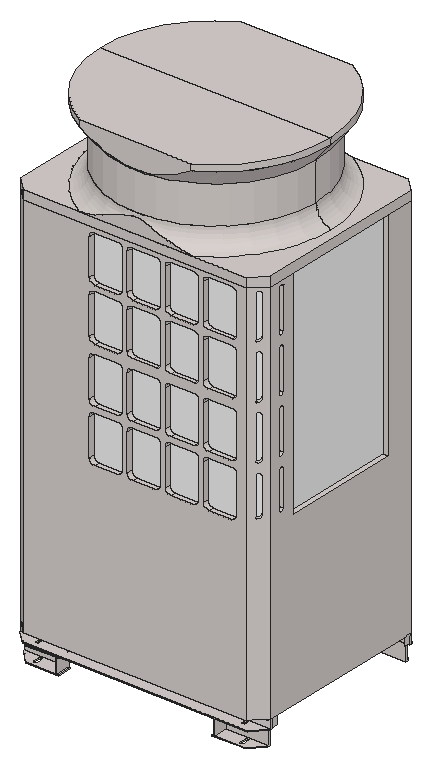
Revit family "PURY-EP300YNW-A1", category 機械設備, Revit 2016 (continued)
Definition of nested family "FAN GUARD"
  Dimensions and locks
    plane 3 "中心(左/右)" to Revolve 2 sketch curve = 423.000 mm
    locked: plane 10 "ファンガード上面" to plane 9 "ファンガード基準上面" at 303
    aligned and locked: level to plane 2
    aligned and locked: plane 5 to Extrusion 1 sketch curve
    aligned and locked: Extrusion 1 sketch curve to plane 6
    aligned and locked: plane 8 to Extrusion 1 sketch curve
    aligned and locked: plane 7 to Extrusion 1 sketch curve
    aligned and locked: plane 9 "ファンガード基準上面" to Extrusion 1
    aligned and locked: plane 4 "ファンガード基準面" to Extrusion 1
    aligned and locked: plane 9 "ファンガード基準上面" to Revolve 2 sketch curve
    aligned and locked: Revolve 2 sketch curve to plane 3 "中心(左/右)"
    aligned and locked: Extrusion 1 to Extrusion 3 sketch curve
    aligned and locked: Extrusion 3 sketch curve to Extrusion 1
    aligned and locked: cut or joined group of Revolve 2, Extrusion 3 to plane 10 "ファンガード上面"
  Automatic sketch dimensions
    Extrusion 1 sketch curve to plane 7 = 50.000 mm  (x2)
    plane 8 to Extrusion 1 sketch curve = 50.000 mm  (x2)
    plane 5 to Extrusion 1 sketch curve = 50.000 mm  (x2)
    Extrusion 1 sketch curve to plane 6 = 50.000 mm  (x2)
    plane 3 "中心(左/右)" to Extrusion 3 sketch curve = 345.000 mm  (x2)
    Extrusion 3 sketch curve to plane 3 "中心(左/右)" = 345.000 mm  (x2)
    Extrusion 3 sketch curve to Extrusion 3 sketch curve = 175.000 mm
    Extrusion 3 sketch curve to Extrusion 3 sketch curve = 169.592 mm
    plane 1 "中心(正面/背面)" to curve 2 = 0.000 mm
    plane 1 "中心(正面/背面)" to curve 3 = 0.000 mm
    curve 3 to plane 3 "中心(左/右)" = 0.000 mm
    curve 12 to plane 3 "中心(左/右)" = 0.000 mm
    plane 1 "中心(正面/背面)" to curve 1 = 0.000 mm
    plane 3 "中心(左/右)" to curve 55 = 10.000 mm
    curve 17 to curve 12 = 20.000 mm
    curve 57 to curve 55 = 20.000 mm
    curve 18 to curve 17 = 20.000 mm
    curve 58 to curve 57 = 20.000 mm
    curve 19 to curve 18 = 20.000 mm
    curve 59 to curve 58 = 20.000 mm
    curve 20 to curve 19 = 20.000 mm
    curve 2 to curve 59 = 10.000 mm
    curve 21 to curve 20 = 20.000 mm
    curve 22 to curve 21 = 20.000 mm
    curve 23 to curve 22 = 20.000 mm
    curve 24 to curve 23 = 20.000 mm
    curve 25 to curve 24 = 20.000 mm
    curve 26 to curve 25 = 20.000 mm
    curve 27 to curve 26 = 20.000 mm
    curve 28 to curve 27 = 20.000 mm
    curve 29 to curve 28 = 20.000 mm
    curve 11 to curve 29 = 16.639 mm
    curve 7 to curve 29 = 16.639 mm
    curve 30 to curve 7 = 3.361 mm
    curve 31 to curve 30 = 20.000 mm
    curve 32 to curve 31 = 20.000 mm
    curve 33 to curve 32 = 20.000 mm
    curve 6 to curve 33 = 8.323 mm
    curve 10 to curve 33 = 8.323 mm
    curve 34 to curve 10 = 11.677 mm
    curve 35 to curve 34 = 20.000 mm
    curve 9 to curve 35 = 11.572 mm
    curve 5 to curve 35 = 11.572 mm
    curve 36 to curve 9 = 8.428 mm
    curve 8 to curve 36 = 15.366 mm
    curve 4 to curve 36 = 15.366 mm
    curve 37 to curve 8 = 4.634 mm
    curve 2 to curve 37 = 3.000 mm
    curve 56 to plane 3 "中心(左/右)" = 10.000 mm
    curve 13 to plane 3 "中心(左/右)" = 20.000 mm
    curve 56 to curve 60 = 20.000 mm
    curve 13 to curve 14 = 20.000 mm
    curve 60 to curve 61 = 20.000 mm
    curve 14 to curve 15 = 20.000 mm
    curve 61 to curve 62 = 20.000 mm
    curve 15 to curve 16 = 20.000 mm
    curve 16 to curve 38 = 20.000 mm
    curve 38 to curve 39 = 20.000 mm
    curve 39 to curve 40 = 20.000 mm
    curve 40 to curve 41 = 20.000 mm
    curve 41 to curve 42 = 20.000 mm
    curve 42 to curve 43 = 20.000 mm
    curve 43 to curve 44 = 20.000 mm
    curve 44 to curve 45 = 20.000 mm
    curve 45 to curve 46 = 20.000 mm
    curve 46 to curve 7 = 16.639 mm
    curve 46 to curve 11 = 16.639 mm
    curve 7 to curve 47 = 3.361 mm
    curve 47 to curve 48 = 20.000 mm
    curve 48 to curve 49 = 20.000 mm
    curve 49 to curve 50 = 20.000 mm
    curve 50 to curve 6 = 8.323 mm
    curve 50 to curve 10 = 8.323 mm
    curve 10 to curve 51 = 11.677 mm
    curve 51 to curve 52 = 20.000 mm
    curve 52 to curve 9 = 11.572 mm
    curve 52 to curve 5 = 11.572 mm
    curve 5 to curve 53 = 8.428 mm
    curve 53 to curve 4 = 15.366 mm
    curve 53 to curve 8 = 15.366 mm
    curve 4 to curve 54 = 4.634 mm
    curve 54 to curve 1 = 3.000 mm
    curve 8 to plane 1 "中心(正面/背面)" = 80.000 mm
    curve 36 to curve 8 = 57.583 mm
    curve 53 to curve 8 = 57.583 mm
    curve 9 to curve 36 = 22.417 mm
    curve 52 to curve 9 = 25.820 mm
    curve 35 to curve 9 = 25.820 mm
    curve 51 to curve 52 = 36.282 mm
    curve 34 to curve 35 = 36.282 mm
    curve 10 to curve 51 = 17.899 mm
    curve 33 to curve 10 = 11.653 mm
    curve 50 to curve 10 = 11.653 mm
    curve 49 to curve 50 = 24.986 mm
    curve 32 to curve 33 = 24.986 mm
    curve 48 to curve 49 = 21.571 mm
    curve 31 to curve 32 = 21.571 mm
    curve 47 to curve 48 = 18.853 mm
    curve 30 to curve 31 = 18.853 mm
    curve 11 to curve 30 = 2.937 mm
    curve 29 to curve 11 = 13.660 mm
    curve 46 to curve 11 = 13.660 mm
    curve 28 to curve 29 = 14.663 mm
    curve 45 to curve 46 = 14.663 mm
    curve 44 to curve 45 = 12.965 mm
    curve 27 to curve 28 = 12.965 mm
    curve 12 to curve 27 = 8.712 mm
    curve 12 to curve 21 = 0.000 mm
    curve 13 to curve 12 = 0.000 mm
    curve 14 to curve 13 = 0.000 mm  (x2)
    curve 12 to curve 18 = 0.000 mm
    curve 21 to curve 23 = 0.000 mm
    curve 43 to curve 44 = 8.712 mm
    curve 23 to curve 24 = 0.000 mm  (x2)
    curve 43 to curve 42 = 0.000 mm  (x2)
    curve 24 to curve 25 = 0.000 mm  (x2)
    curve 42 to curve 41 = 0.000 mm  (x2)
    curve 25 to curve 26 = 0.000 mm  (x2)
    curve 41 to curve 40 = 0.000 mm  (x2)
    curve 20 to curve 21 = 0.000 mm  (x2)
    curve 40 to curve 39 = 0.000 mm  (x2)
    curve 15 to curve 14 = 0.000 mm
    curve 39 to curve 38 = 0.000 mm
    curve 38 to curve 16 = 0.000 mm  (x2)
    curve 18 to curve 19 = 0.000 mm  (x2)
    curve 12 to curve 17 = 0.000 mm  (x2)
    curve 21 to curve 22 = 0.000 mm  (x2)
    curve 8 to curve 37 = 29.711 mm
    curve 8 to curve 54 = 29.711 mm
    plane 1 "中心(正面/背面)" to curve 37 = 50.289 mm
    plane 1 "中心(正面/背面)" to curve 54 = 50.289 mm
    curve 37 to curve 4 = 29.711 mm
    curve 4 to curve 36 = 57.583 mm
    curve 4 to curve 53 = 57.583 mm
    curve 36 to curve 5 = 22.417 mm
    curve 5 to curve 52 = 25.820 mm
    curve 5 to curve 35 = 25.820 mm
    curve 35 to curve 34 = 36.282 mm
    curve 52 to curve 51 = 36.282 mm
    curve 51 to curve 6 = 17.899 mm
    curve 6 to curve 50 = 11.653 mm
    curve 6 to curve 33 = 11.653 mm
    curve 50 to curve 49 = 24.986 mm
    curve 33 to curve 32 = 24.986 mm
    curve 49 to curve 48 = 21.571 mm
    curve 32 to curve 31 = 21.571 mm
    curve 48 to curve 47 = 18.853 mm
    curve 31 to curve 30 = 18.853 mm
    curve 30 to curve 7 = 2.937 mm
    curve 7 to curve 46 = 13.660 mm
    curve 7 to curve 29 = 13.660 mm
    curve 29 to curve 28 = 14.663 mm
    curve 46 to curve 45 = 14.663 mm
    curve 45 to curve 44 = 12.965 mm
    curve 28 to curve 27 = 12.965 mm
    curve 44 to curve 13 = 8.712 mm
    curve 27 to curve 23 = 8.712 mm
    curve 15 to curve 13 = 0.000 mm
    curve 44 to curve 42 = 8.712 mm
    curve 16 to curve 15 = 0.000 mm
    curve 22 to curve 23 = 0.000 mm
    curve 13 to curve 17 = 0.000 mm
    curve 17 to curve 19 = 0.000 mm
    Revolve 2 sketch curve to plane 3 "中心(左/右)" = 0.000 mm
    Revolve 2 sketch curve to plane 10 "ファンガード上面" = 0.000 mm
    plane 9 "ファンガード基準上面" to Revolve 2 sketch curve = 70.141 mm
    Revolve 2 sketch curve to Revolve 2 sketch curve = 18.161 mm
    Revolve 2 sketch curve to level = 1700.815 mm
    Revolve 2 sketch curve to plane 10 "ファンガード上面" = 93.336 mm
    Revolve 2 sketch curve to plane 10 "ファンガード上面" = 24.000 mm
    Revolve 2 sketch curve to Revolve 2 sketch curve = 790.769 mm
    Revolve 2 sketch curve to Revolve 2 sketch curve = 17.668 mm
Definition of nested family "BASE LEG"
  Parameters
    Width [instance] = 920.000 mm
  Reference planes
    plane 1 "中心(正面/背面)": y = 0
    plane 2: z = 0
    plane 3 "中心(左/右)": x = 0
    plane 4: x = 460
    plane 5: x = -460
    plane 6: x = -380
    plane 7: x = 380
    plane 8: y = -18
    plane 9: y = 39
    plane 10: z = 53
    plane 11: y = 42
    plane 12: y = 27
    plane 13: x = 415
    plane 14: x = -415
    plane 15: z = 8
    plane 16: y = 11.5
    plane 17: z = 35
  Forms (mm)
    Extrusion 1, solid
      sketch origin (0, 0, 0) x (0, 1, 0) y (0, 0, 1)
        loop
          line (-18, 0) -> (36, 0) -> (36, 32) -> (56, 32) -> (56, 35) -> (33, 35) -> (33, 3) -> (-18, 3) -> (-18, 0)
      from -460 to 460
    Extrusion 2, void
      sketch origin (0, 0, 0) x (1, 0, 0) y (0, 1, 0)
        loop
          line (415, -18) -> (460, -18) -> (460, 27) -> (415, -18)
        loop
          line (-415, -18) -> (-460, 27) -> (-460, -18) -> (-415, -18)
      from 0 to 250
    Extrusion 3, void
      sketch origin (0, 12.023, 0) x (1, 0, 0) y (0, 1, 0)
        loop
          arc (373, -2.971) -> (380, -9.971) -> (387, -2.971) r 7
          line (387, -2.971) -> (387, 3.023)
          arc (387, 3.023) -> (380, 10.023) -> (373, 3.023) r 7
          line (373, 3.023) -> (373, -2.971)
        loop
          line (-373, -2.971) -> (-373, 3.023)
          arc (-373, 3.023) -> (-380, 10.023) -> (-387, 3.023) r 7
          line (-387, 3.023) -> (-387, -2.971)
          arc (-387, -2.971) -> (-380, -9.971) -> (-373, -2.971) r 7
      from 0 to 250
    Extrusion 4, solid
      sketch origin (0, 0, -3) x (1, 0, 0) y (0, 0, 1)
        loop
          line (457, 8) -> (460, 8) -> (460, 35) -> (457, 35) -> (457, 8)
        loop
          line (-457, 8) -> (-457, 35) -> (-460, 35) -> (-460, 8) -> (-457, 8)
      from -36 to -56
    Extrusion 5, solid
      sketch origin (150, 352, 0) x (1, 0, 0) y (0, 1, 0)
        loop
          line (310, -319) -> (305, -319) -> (305, -320) -> (255, -370) -> (260, -370) -> (310, -320) -> (310, -319)
      from 3 to 35
    Extrusion 6, void
      sketch origin (410, -18, 0) x (0.707107, 0.707107, 0) y (0, 0, 1)
        loop
          line (70.711, 3) -> (-6.741, 39.767) -> (-6.741, 3) -> (70.711, 3)
      from -190.256 to 23.776
    Extrusion 7, solid
      sketch origin (-150, 352, 0) x (-1, 0, 0) y (0, -1, 0)
        loop
          line (310, 319) -> (310, 320) -> (260, 370) -> (255, 370) -> (305, 320) -> (305, 319) -> (310, 319)
      from 3 to 35
    Extrusion 8, void
      sketch origin (-410, -18, 0) x (0.707107, -0.707107, 0) y (0, 0, -1)
        loop
          line (-70.711, -3) -> (0, -35) -> (6.741, -35) -> (6.741, -3) -> (-70.711, -3)
      from -190.256 to 23.776
  Cuts and joins
    Extrusion 2, Extrusion 3 cuts Extrusion 1
    joined: Extrusion 1, Extrusion 4
    Extrusion 8 cuts Extrusion 7
    Extrusion 6 cuts Extrusion 5
  Dimensions and locks
    "Width": plane 5 to plane 4
    equal spacing: plane 5, plane 3 "中心(左/右)", plane 4
    locked: plane 5 to plane 6 at 80
    locked: plane 7 to plane 4 at 80
    locked: plane 8 to plane 9 at 57
    locked: plane 10 to level at 53
    locked: plane 9 to plane 11 at 3
    plane 8 to plane 12 = 45.000 mm
    locked: plane 13 to plane 4 at 45
    locked: plane 5 to plane 14 at 45
    equal spacing: Extrusion 3 sketch curve, plane 7, Extrusion 3 sketch curve
    equal spacing: Extrusion 3 sketch curve, plane 6, Extrusion 3 sketch curve
    locked: plane 10 to plane 15 at 45
    locked: cut or joined group of Extrusion 1, Extrusion 2, Extrusion 3, Extrusion 4 to Extrusion 4 sketch curve at 3  (x2)
    locked: plane 8 to plane 16 at 29.5
    plane 8 to plane 11 = 60.000 mm
    cut or joined group of Extrusion 1, Extrusion 2, Extrusion 3, Extrusion 4 to cut or joined group of Extrusion 1, Extrusion 2, Extrusion 3, Extrusion 4 = 35.000 mm
    aligned and locked: level to plane 2
    aligned and locked: plane 8 to Extrusion 1 sketch curve
    aligned and locked: plane 4 to Extrusion 1
    aligned and locked: Extrusion 1 to plane 5
    aligned and locked: Extrusion 2 sketch curve to plane 4
    aligned and locked: Extrusion 2 sketch curve to plane 8
    aligned and locked: plane 12 to Extrusion 2 sketch curve
    aligned and locked: plane 13 to Extrusion 2 sketch curve
    aligned and locked: plane 4 to Extrusion 4 sketch curve
    aligned and locked: plane 5 to Extrusion 4 sketch curve
    aligned and locked: cut or joined group of Extrusion 7, Extrusion 8 to cut or joined group of Extrusion 1, Extrusion 2, Extrusion 3, Extrusion 4
  Automatic sketch dimensions
    Extrusion 3 sketch curve to plane 1 "中心(正面/背面)" = 9.052 mm  (x2)
    Extrusion 3 sketch curve to plane 7 = 7.000 mm
    Extrusion 3 sketch curve to plane 1 "中心(正面/背面)" = 15.046 mm  (x2)
    Extrusion 3 sketch curve to plane 6 = 7.000 mm
    Extrusion 2 sketch curve to plane 5 = 0.000 mm
    plane 8 to Extrusion 2 sketch curve = 0.000 mm
    Extrusion 2 sketch curve to plane 14 = 0.000 mm
    plane 12 to Extrusion 2 sketch curve = 0.000 mm
    Extrusion 4 sketch curve to plane 10 = 21.000 mm
    plane 7 to Extrusion 5 sketch curve = 25.000 mm
    Extrusion 5 sketch curve to Extrusion 5 sketch curve = 5.000 mm  (x2)
    plane 7 to Extrusion 5 sketch curve = 75.000 mm
    plane 8 to Extrusion 5 sketch curve = 0.000 mm
    Extrusion 5 sketch curve to Extrusion 5 sketch curve = 50.000 mm
    Extrusion 5 sketch curve to Extrusion 5 sketch curve = 0.000 mm
    Extrusion 5 sketch curve to Extrusion 5 sketch curve = 1.000 mm
    Extrusion 6 sketch curve to Extrusion 5 = 0.000 mm  (x2)
    Extrusion 6 sketch curve to Extrusion 5 = 6.741 mm
    Extrusion 6 sketch curve to Extrusion 5 = 4.767 mm
    plane 6 to Extrusion 7 sketch curve = 25.000 mm
    Extrusion 7 sketch curve to Extrusion 7 sketch curve = 5.000 mm  (x2)
    Extrusion 7 sketch curve to Extrusion 7 sketch curve = 45.000 mm
    Extrusion 7 sketch curve to plane 8 = 0.000 mm
    Extrusion 7 sketch curve to Extrusion 7 sketch curve = 50.000 mm
    Extrusion 7 sketch curve to Extrusion 7 sketch curve = 0.000 mm
    Extrusion 7 sketch curve to Extrusion 7 sketch curve = 1.000 mm
    Extrusion 8 sketch curve to Extrusion 7 = 0.000 mm  (x2)
    Extrusion 7 to Extrusion 8 sketch curve = 0.000 mm  (x2)
    Extrusion 7 to Extrusion 8 sketch curve = 6.741 mm
    Extrusion 4 sketch curve to plane 17 = 3.000 mm
    Extrusion 4 sketch curve to plane 15 = 3.000 mm  (x2)
    Extrusion 1 sketch curve to plane 17 = 0.000 mm
    Extrusion 1 sketch curve to level = 0.000 mm
    level to Extrusion 1 sketch curve = 3.000 mm
    plane 9 to Extrusion 1 sketch curve = 6.000 mm
    plane 9 to Extrusion 1 sketch curve = 3.000 mm
    Extrusion 1 sketch curve to plane 17 = 3.000 mm
    Extrusion 1 sketch curve to plane 11 = 14.000 mm
Definition of nested family "ATTACHMENT LEG"
  Parameters
    Width = 145.000 mm
  Reference planes
    plane 1: z = 0
    plane 2 "中心(左/右)": x = -6
    plane 3: x = -52
    plane 4: x = 85
    plane 5: x = 93
    plane 6: y = -21
    plane 7: y = 27
    plane 8: x = -30
    plane 9: y = 39
    plane 10: z = 60
    plane 11: z = 57
    plane 12: z = 3
    plane 13: x = 82
    plane 14: y = 36
    plane 15: x = -75
    plane 16: y = 31
    plane 17 "幅": x = 93
    plane 18: y = 2.5
    plane 19: y = 21
    plane 20: y = -10
  Forms (mm)
    Extrusion 1, solid
      sketch origin (0, -1, 0) x (1, 0, 0) y (0, 1, 0)
        loop
          line (-75, 36) -> (-75, 27) -> (-28, -20) -> (93, -20) -> (93, 32) -> (85, 32) -> (85, 36) -> (-75, 36)
      from 0 to 60
    Extrusion 2, void
      sketch origin (0, -3, 0) x (1, 0, 0) y (0, 0, 1)
        loop
          line (-75, 57) -> (-75, 3) -> (82, 3) -> (82, 57) -> (-75, 57)
        loop
          line (93, 57) -> (85, 57) -> (85, 3) -> (93, 3) -> (93, 57)
      from -35 to 18
    Extrusion 3, void
      sketch origin (-6, 5.5, 0) x (1, 0, 0) y (0, 1, 0)
        loop
          arc (-7, -8.5) -> (0, -15.5) -> (7, -8.5) r 7
          line (7, -8.5) -> (7, 8.5)
          arc (7, 8.5) -> (0, 15.5) -> (-7, 8.5) r 7
          line (-7, 8.5) -> (-7, -8.5)
      from 0 to 60
  Cuts and joins
    Extrusion 2, Extrusion 3 cuts Extrusion 1
  Dimensions and locks
    locked: plane 3 to plane 4 at 137
    locked: plane 3 to plane 5 at 145
    plane 6 to plane 7 = 48.000 mm
    locked: plane 10 to level at 60
    Extrusion 3 sketch curve to plane 2 "中心(左/右)" = 7.000 mm
    locked: plane 15 to plane 2 "中心(左/右)" at 69
    locked: plane 15 to plane 8 at 45
    locked: plane 6 to plane 18 at 23.5
    cut or joined group of Extrusion 1, Extrusion 2, Extrusion 3 to cut or joined group of Extrusion 1, Extrusion 2, Extrusion 3 = 168.000 mm
    cut or joined group of Extrusion 1, Extrusion 2, Extrusion 3 to cut or joined group of Extrusion 1, Extrusion 2, Extrusion 3 = 56.000 mm  (x2)
    plane 14 to plane 6 = 57.000 mm
    aligned and locked: level to plane 1
    aligned and locked: Extrusion 1 sketch curve to plane 4
    aligned and locked: Extrusion 1 sketch curve to plane 5
    aligned: plane 8 to Extrusion 1 sketch curve
    aligned and locked: plane 10 to Extrusion 1
    aligned and locked: Extrusion 2 sketch curve to plane 11
    aligned: plane 3 to Extrusion 2 sketch curve
    aligned and locked: plane 12 to Extrusion 2 sketch curve
    aligned and locked: Extrusion 2 sketch curve to plane 13
    aligned and locked: plane 6 to Extrusion 2
    aligned and locked: plane 11 to Extrusion 2 sketch curve
    aligned and locked: plane 5 to Extrusion 2 sketch curve
    aligned and locked: Extrusion 2 sketch curve to plane 12
    aligned and locked: Extrusion 2 sketch curve to plane 4
    aligned and locked: plane 15 to Extrusion 1 sketch curve
    aligned and locked: Extrusion 2 sketch curve to cut or joined group of Extrusion 1, Extrusion 2, Extrusion 3
    aligned and locked: Extrusion 1 to plane 16
Types (6, lengths in mm): name | ReplacementYear | Voltage | InstallationDate | Hertz | Heating Rated Load Ampacity (A) | Heating Current Input (Nominal) (A) | Heating Current Input (A) | Cooling Rated Load Ampacity (A) | Cooling Current Input (A) | Category | Barcode | AssetIdentifier
  PURY-EP300YNW-A1_380V_50Hz | "" | 380 V | "" | 50 Hz | 16 | 13.5 | 16 | 13.7 | 13.7 | "" | "" | ""
  PURY-EP300YNW-A1_380V_60Hz | "0" | 380 V | "0" | 60 Hz | 16 | 13.5 | 16 | 13.7 | 13.7 | "0" | "0" | "0"
  PURY-EP300YNW-A1_400V_50Hz | "0" | 400 V | "0" | 50 Hz | 15.2 | 12.8 | 15.2 | 13.1 | 13.1 | "0" | "0" | "0"
  PURY-EP300YNW-A1_400V_60Hz | "0" | 400 V | "0" | 60 Hz | 15.2 | 12.8 | 15.2 | 13.1 | 13.1 | "0" | "0" | "0"
  PURY-EP300YNW-A1_415V_50Hz | "0" | 415 V | "0" | 50 Hz | 14.7 | 12.3 | 14.7 | 12.6 | 12.6 | "0" | "0" | "0"
  PURY-EP300YNW-A1_415V_60Hz | "0" | 415 V | "0" | 60 Hz | 14.7 | 12.3 | 14.7 | 12.6 | 12.6 | "0" | "0" | "0"
